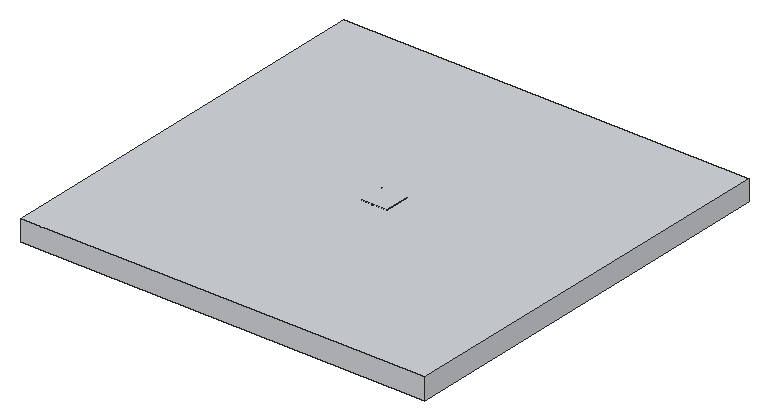
Revit family
Parameters (values of type "6"x6" Strainer - 2" Drain")
  WFU = 0
  URL = "WWW.MIFAB.COM"
  Strainer Adjustment [instance] = 1.500"
  Pipe Radius = Pipe Diameter / 2  # 1.000"
  Pipe Diameter = 2.000"
  Model = "F1100-C-SD"
  Manufacturer = "MIFAB"
  HWFU = 0
  Floor Drain Material = Paint - Sherwin Williams Paint - #952C2A - Bellwood Red
  Description = "FLOOR DRAIN WITH SQUARE SOLID HINGED COVER"
  Default Elevation = 0.000"
  Chilled Water Radius = Chilled Water Diameter / 2  # 0.250"
  Chilled Water Diameter = 0.500"
  Body Height = 4.250"
  Assembly Code = ""
Types (6): name | Strainer Adjustment | Pipe Radius | Pipe Diameter
  (no name) | 1.500" | 1.000" | 2.000"
  6"x6" Strainer - 2" Drain | 1.500" | 1.000" | 2.000"
  6"x6" Strainer - 3" Drain | 1.880" | 1.500" | 3.000"
  6"x6" Strainer - 4" Drain | 1.880" | 2.000" | 4.000"
  6"x6" Strainer - 5" Drain | 1.880" | 2.500" | 5.000"
  6"x6" Strainer - 6" Drain | 1.880" | 2.750" | 5.500"
Reference planes (in)
  plane 1 "Center (Front/Back)": y = 0
  plane 2: z = 0
  plane 3 "Center (Left/Right)": x = 0
  plane 4: z = -5.75
  plane 5: z = -1.5
  plane 6: z = 0
  plane 7: y = -3
  plane 8: y = 3
  plane 9: y = 4
  plane 10: y = -4
  plane 11: y = -1
  plane 12: y = 1
  plane 13: x = -1.35387
  plane 14: x = 1.35387
  plane 15: x = 3
  plane 16: x = -3
  plane 17: z = -1.5
  plane 18: z = -5.75
  plane 19: z = -4.96511
  plane 20: z = -4.28889
Forms (in)
  Extrusion 1, solid
    sketch origin (0, 0, 0) x (1, 0, 0) y (0, 1, 0)
      loop
        line (-48, 48) -> (-48, -48) -> (48, -48) -> (48, 48) -> (-48, 48)
    from 0 to -4.96511
  Revolve 2, solid, material "Paint - Sherwin Williams Paint - #952C2A - Bellwood Red" <- "Floor Drain Material"
    sketch origin (0, 0.04396, 0) x (0, 1, 0) y (0, 0, 1)
      loop
        line (-2.91272, -1.5) -> (-4.04396, -1.5) -> (-4.04396, -1.76052) -> (-3.25269, -1.76052) -> (-3.14049, -4.28139) -> (-1.29396, -4.96511) -> (-1.29396, -5.75) -> (-1.04396, -5.75) -> (-1.04396, -4.96511) -> (-2.91272, -4.28889) -> (-2.91272, -1.5)
      axis (-0.04396, -1.5) -> (-0.04396, -5.75)
    angle from 0 to 360
  Revolve 3, solid, material "Paint - Sherwin Williams Paint - #952C2A - Bellwood Red" <- "Floor Drain Material"
    sketch origin (0, 0, 0) x (0, 1, 0) y (0, 0, 1)
      loop
        line (-4, -1.5) -> (-2.20674, -1.5) -> (-2.20674, -0.97742) -> (-2.29535, -0.97742) -> (-2.29535, -1.25) -> (-4, -1.25) -> (-4, -1.5)
      axis (0, -0.97742) -> (0, -1.5)
    angle from 0 to 360
  Revolve 4, solid, material "Paint - Sherwin Williams Paint - #952C2A - Bellwood Red" <- "Floor Drain Material"
    sketch origin (0.4375, 0, -0.4375) x (1, 0, 0) y (0, 0, 1)
      loop
        line (-4.4739, -2.12315) -> (-4.4739, -2.4274) -> (-3.86933, -2.4274) -> (-3.7326, -2.56414) -> (-2.8927, -2.56414) -> (-2.8927, -2.12315) -> (-4.4739, -2.12315)
      axis (-2.8927, -2.12315) -> (-4.4739, -2.12315)
    angle from 0 to 360
  Revolve 5, solid, material "Paint - Sherwin Williams Paint - #952C2A - Bellwood Red" <- "Floor Drain Material"
    sketch origin (0, 0, 0) x (0, 1, 0) y (0, 0, 1)
      loop
        line (-3, -0.30792) -> (-2.20674, -0.9611) -> (-2.20674, -1.5) -> (0, -1.5) -> (0, -0.30792) -> (-3, -0.30792)
      axis (0, -0.30792) -> (0, -1.5)
    angle from 0 to 360
  Extrusion 6, solid, material "Paint - Sherwin Williams Paint - #952C2A - Bellwood Red" <- "Floor Drain Material"
    sketch origin (0, 0, 0) x (1, 0, 0) y (0, 1, 0)
      loop
        line (-3, 3) -> (-3, -3) -> (3, -3) -> (3, 3) -> (-3, 3)
    from -0.30792 to 0
Cuts and joins
  joined: Revolve 2, Revolve 4
Lines and regions (in)
  symbolic lines
    curve 1: circle (0, 0, 0) r 4 normal (0, 0, 1)
Dimensions and locks (in)
  "Body Height": plane 5 to plane 4
  "Strainer Adjustment": plane 6 to plane 5
  equal spacing: plane 9, plane 1 "Center (Front/Back)", plane 10
  locked: plane 9 to plane 10 at 8
  Revolve 2 to Revolve 4 sketch curve = 0.80014"  (x2)
  equal spacing: plane 12, plane 1 "Center (Front/Back)", plane 11
  "Pipe Diameter": plane 12 to plane 11
  "Pipe Radius": plane 1 "Center (Front/Back)" to plane 11
  locked: Revolve 4 sketch curve to plane 3 "Center (Left/Right)" at 2.4552
  equal spacing: plane 13, plane 3 "Center (Left/Right)", plane 14
  equal spacing: plane 16, plane 3 "Center (Left/Right)", plane 15
  locked: plane 16 to plane 15 at 6
  equal spacing: plane 8, plane 1 "Center (Front/Back)", plane 7
  locked: plane 8 to plane 7 at 6
  "Strainer Adjustment": level to plane 17
  "Body Height": plane 17 to plane 18
  locked: plane 11 to Revolve 2 sketch curve at 0.25
  plane 10 to Revolve 2 sketch curve to Revolve 2 sketch curve = 0.79127" locked, 0.33997" locked
  aligned and locked: plane 2 to Extrusion 1
  aligned and locked: level to Extrusion 1
  aligned and locked: plane 5 to Revolve 2 sketch curve
  aligned and locked: Revolve 2 to Revolve 3 sketch curve
  aligned and locked: Revolve 3 sketch curve to Revolve 2
  aligned and locked: plane 10 to Revolve 2 sketch curve
  aligned and locked: Extrusion 1 to plane 6
  aligned and locked: plane 1 "Center (Front/Back)" to Revolve 5 sketch curve
  aligned and locked: Revolve 5 sketch curve to Revolve 3  (x2)
  aligned and locked: Revolve 5 sketch curve to plane 1 "Center (Front/Back)"
  aligned and locked: Revolve 5 sketch curve to Revolve 5 sketch curve
  aligned and locked: plane 7 to Revolve 5 sketch curve
  aligned: Extrusion 6 to plane 14
  aligned: Extrusion 6 to plane 13
  aligned and locked: Revolve 5 to Extrusion 6
  aligned and locked: level to Extrusion 6
  aligned and locked: plane 7 to Extrusion 6
  aligned and locked: plane 8 to Extrusion 6
  aligned and locked: plane 15 to Extrusion 6
  aligned and locked: plane 16 to Extrusion 6
  aligned and locked: Revolve 2 sketch curve to plane 11
  aligned and locked: plane 19 to Revolve 2 sketch curve  (x2)
  aligned and locked: plane 20 to Revolve 2 sketch curve
  aligned and locked: plane 1 "Center (Front/Back)" to curve 1
  aligned and locked: plane 3 "Center (Left/Right)" to curve 1
Automatic sketch dimensions
  Extrusion 1 sketch curve to Extrusion 1 sketch curve = 96.000"  (x2)
  Revolve 3 sketch curve to plane 1 "Center (Front/Back)" = 0.000"
  Revolve 3 sketch curve to level = 0.000"
  Revolve 3 sketch curve to Revolve 3 sketch curve = 2.08323"
  Revolve 3 sketch curve to Revolve 3 sketch curve = 0.250"
  Revolve 3 sketch curve to Revolve 3 sketch curve = 0.27258"
  Revolve 3 sketch curve to Revolve 3 sketch curve = 0.08861"
  Revolve 3 sketch curve to plane 7 = 0.70465"
  plane 11 to Extrusion 6 sketch curve = 2.000"
  Extrusion 6 sketch curve to plane 3 "Center (Left/Right)" = 3.000"
  plane 3 "Center (Left/Right)" to Extrusion 6 sketch curve = 3.000"
  plane 12 to Extrusion 6 sketch curve = 2.000"
  plane 16 to Revolve 4 sketch curve = 0.2458"
  Revolve 4 sketch curve to Revolve 4 sketch curve = 0.18604"
  Revolve 4 sketch curve to Revolve 4 sketch curve = 0.13673"
  Revolve 4 sketch curve to Revolve 4 sketch curve = 0.60457"
  Revolve 4 sketch curve to Revolve 4 sketch curve = 0.000"
  Revolve 4 sketch curve to plane 17 = 1.06065"
  Revolve 4 sketch curve to Revolve 4 sketch curve = 0.30425"
  Revolve 4 sketch curve to Revolve 4 sketch curve = 0.44099"
  Revolve 5 sketch curve to Revolve 5 sketch curve = 0.66396"
  Revolve 5 sketch curve to Revolve 5 sketch curve = 1.250"
  Revolve 5 sketch curve to Revolve 5 sketch curve = 0.5389"
  Revolve 5 sketch curve to level = 0.30792"
  Revolve 2 sketch curve to plane 1 "Center (Front/Back)" = 0.000"
  Revolve 2 sketch curve to plane 4 = 0.000"  (x2)
  plane 20 to Revolve 2 sketch curve = 0.0075"
  Revolve 2 sketch curve to plane 5 = 0.250"
  Revolve 2 sketch curve to Revolve 2 sketch curve = 0.22777"
  Revolve 2 sketch curve to plane 5 = 0.26052"
  radius of curve 1 = 4.000"
Connectors (in)
  piping at (-4.0364, 0, -2.56065), driven by "HWFU", driven by "Chilled Water Radius"
    settings: on Revolve 4, index 1, connector radius 1/4", flow factor 0, pipe flow 0 GPM, pressure drop 0.00 psi, fitting loss kfactor 0, connector angle 0.00°, fixture units 0, flow configuration 3, flow direction 1, fitting loss method 0, system type 7, connector reference index -1, connector utility 0, adjustable connector no, is connector primary yes, fitting loss table "", connector description "Chilled Water In"
  piping at (0, 0, -5.75), driven by "Pipe Radius", driven by "WFU"
    settings: on Revolve 2, index 2, connector radius 1", flow factor 0, pipe flow 0 GPM, pressure drop 0.00 psi, fitting loss kfactor 0, connector angle 0.00°, fixture units 0, flow configuration 3, flow direction 2, fitting loss method 0, system type 16, connector reference index -1, connector utility 0, adjustable connector no, is connector primary no, fitting loss table "", connector description "Sanitary Out"
